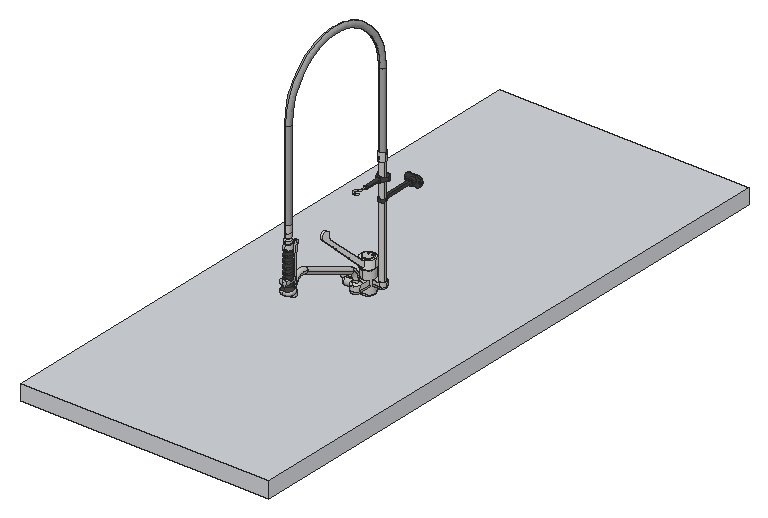
Revit family "QF_ELECTROLUXPROFESSIONAL_855386_DSP1HST2", category Attrezzature speciali, host Superficie, Revit 2021
Family settings
  Host = Superficie
  Quota connettore circolare = Usa diametro
  Tipo di parte = Normale
  Taglio con vuoti quando caricato = No
  Condiviso = No
  Punto di calcolo locali = No
Parameters (values of type "Standard")
  Weight = 13.00 kg
  Watts = 0 W
  Volts = 0 V
  URL Manufacturer = "https://www.electroluxprofessional.com/"
  URL = "https://www.electroluxprofessional.com/"
  Steam Supply Size = 0 mm
  Steam Supply Minimum Pressure = 0.0 Pa
  Steam Supply Maximum Pressure = 0.0 Pa
  Steam Consumption per Hour = 0
  Show Clearance [instance] = yes
  Refrigeration Suction Line Size = 0 mm
  Refrigeration Liquid Line Size = 0 mm
  Refrigerant Compressor Remote = yes
  Produttore = "Electrolux Professional"
  Phase = 0
  Modello = "DSP1HST2"
  Default Elevation = 1219.2 mm
  Length Actual = 146 mm  # constant formula
  Item Number = "855386"
  Hot Water Size = 12.7 mm
  Height Actual = 1019 mm  # constant formula
  HP = "0 HP"
  Gas Size = 0 mm
  Gas KW = 0
  Gas Input Pressure = 0 W
  Direct Waste Size = 0 mm
  Descrizione = "SINGLE HOLE DECK MOUNTED ELBOW OPERATED MIXING TEMP. FAUCET WITH PRE-RINSE UNIT"
  Depth Actual = 627 mm  # constant formula
  Cycle = 0 Hz
  Condensate Return Size = 0 mm
  Compressed Air Volume = 0.0 L/s
  Compressed Air Size = 0 mm
  Compressed Air Pressure = 0.0 Pa
  Cold Water Size = 12.7 mm
  Accessory = yes
Reference planes
  plane 1 "Center (Front/Back)": y = 0
  plane 2: z = 0
  plane 3 "Center (Left/Right)": x = 0
  plane 4 "Lever": y = -359
  plane 5 "Rubinetto": y = 6
  plane 6: y = 24
  plane 7: z = 146
  plane 8: z = 23.004
  plane 9: x = 50
  plane 10: z = 53.004
  plane 11: z = 28.004
  plane 12: y = -59
  plane 13 "C1": y = -36.814
  plane 14: z = 1019
Forms (mm)
  Extrusion 1, solid
    sketch origin (0, -919.2, 0) x (1, 0, 0) y (0, 1, 0)
      loop
        line (-460, 2119.2) -> (-460, -162.846) -> (488.967, -162.846) -> (488.967, 2119.2) -> (-460, 2119.2)
    from 0 to -59.546
  Extrusion 2, solid, material "QF_Finishes_Stainless Steel"
    sketch origin (0, 0, 0) x (0, 1, 0) y (-1, 0, 0)
      loop
        circle (0, 0) r 24.5
    from 3.786 to 85
  Blend 3, solid, material "QF_Finishes_Stainless Steel"
    base sketch origin (0, 0, 0) x (0, 1, 0) y (-1, 0, 0)
      loop
        circle (0, 0) r 24.5
    top sketch origin (0, 0, 0) x (0, 1, 0) y (-1, 0, 0)
      loop
        circle (0, 0) r 23
    from 85 to 90.477
  Revolve 4, solid, material "QF_Plastic-LightGray-Matte"
    sketch origin (0, 0, -900) x (1, 0, 0) y (0, 0, 1)
      loop
        line (0, 990.477) -> (0, 1022.218) -> (-22.733, 1022.218)
        arc (-22.733, 1022.218) -> (-25.382, 1021.393) -> (-28, 1020.477) r 80.9
        line (-28, 1020.477) -> (-28, 990.477) -> (0, 990.477)
      axis (0, 1022.218) -> (0, 990.477)
    angle from 0 to 360
  Extrusion 5, solid, material "QF_Plastic-LightGray-Matte"
    sketch origin (0, 0, -960.452) x (0, 1, 0) y (0, 0, 1)
      loop
        line (-23, 1080.409) -> (-28, 1080.409) -> (-188.265, 1221.096)
        arc (-188.265, 1221.096) -> (-191.241, 1229.592) -> (-190.304, 1238.546) r 20.57
        arc (-190.304, 1238.546) -> (-209.575, 1255.836) -> (-215.217, 1230.568) r 15
        line (-215.217, 1230.568) -> (-28, 1056.409) -> (-23, 1056.409) -> (-23, 1080.409)
    from -4 to 4
  Sweep 6, solid, material "QF_Finishes_Stainless Steel"
    path origin (0, 0, -936.489) x (0, 1, 0) y (0, 0, 1)
      loop
        line (-59, 998.103) -> (-59, 1008.282)
        arc (-59, 1008.282) -> (-65.453, 1030.068) -> (-82.731, 1044.824) r 40
        line (-82.731, 1044.824) -> (-302.731, 1142.774)
        arc (-302.731, 1142.774) -> (-340.786, 1139.779) -> (-359, 1106.232) r 40
    profile origin (0, -59, 66.704) x (0, -1, 0) y (1, 0, 0)
      loop
        circle (0, 0) r 10
  Extrusion 7, solid, material "QF_Door-Drawer Clearances", detail levels coarse
    sketch origin (0, -448.684, -871.316) x (0, 0.906308, -0.422618) y (0, 0.422618, 0.906308)
      loop
        line (-54.568, 1081.124) -> (-37.661, 1076.187)
        arc (-37.661, 1076.187) -> (-34.165, 1079.491) -> (-30.495, 1082.599) r 88.197
        line (-30.495, 1082.599) -> (-188.265, 1221.096)
        arc (-188.265, 1221.096) -> (-191.241, 1229.592) -> (-190.304, 1238.546) r 20.57
        arc (-190.304, 1238.546) -> (-209.575, 1255.836) -> (-215.217, 1230.568) r 15
        line (-215.217, 1230.568) -> (-54.568, 1081.124)
    from -4 to 4
  Extrusion 8, solid, material "QF_Door-Drawer Clearances", detail levels coarse
    sketch origin (0, 0, -960.452) x (0, 1, 0) y (0, 0, 1)
      loop
        arc (-123.676, 1295.364) -> (-122.216, 1309.38) -> (-109.775, 1316) r 15
        arc (-109.775, 1316) -> (-168.681, 1297.653) -> (-212.701, 1254.423) r 131.282
        arc (-212.701, 1254.423) -> (-196.325, 1253.788) -> (-190.304, 1238.546) r 15
        arc (-190.304, 1238.546) -> (-191.241, 1229.592) -> (-188.265, 1221.096) r 20.57
        line (-188.265, 1221.096) -> (-41.237, 1092.029) -> (-123.676, 1295.364)
    from -4 to 4
  Extrusion 9, solid, material "QF_Finishes_Stainless Steel"
    sketch origin (65, 0, 0) x (0, 1, 0) y (-1, 0, 0)
      loop
        circle (0, 77) r 11
      loop
        circle (0, 77) r 10
    from 0 to -29.461
  Extrusion 10, solid, material "QF_Finishes_Stainless Steel"
    sketch origin (-65, 0, 0) x (0, 1, 0) y (-1, 0, 0)
      loop
        circle (0, -77) r 11
      loop
        circle (0, -77) r 10
    from 0 to -29.461
  Extrusion 11, solid, material "QF_Finishes_Stainless Steel"
    sketch origin (0, 0, 0) x (0, 1, 0) y (-1, 0, 0)
      loop
        circle (0, 0) r 24.5
    from 3.786 to 0
  Revolve 12, solid, material "QF_Finishes_Stainless Steel"
    sketch origin (0, 0, 0) x (0, 1, 0) y (0, 0, 1)
      loop
        line (-59, 53.004) -> (-76.34, 53.004) -> (-76.34, 33.523)
        arc (-76.34, 33.523) -> (-73.259, 26.085) -> (-65.821, 23.004) r 10.519
        line (-65.821, 23.004) -> (-59, 23.004) -> (-59, 53.004)
      axis (-59, 53.004) -> (-59, 23.004)
    angle from -90 to 90
  Extrusion 13, void
    sketch origin (0, 0, 0) x (1, 0, 0) y (0, 1, 0)
      loop
        line (-6.06, 8.654) -> (-6.868, 13.76)
        arc (-6.868, 13.76) -> (-10.447, 13.971) -> (-10.895, 10.414) r 2.623
        line (-10.895, 10.414) -> (-6.06, 8.654)
      loop
        line (6.06, 8.654) -> (10.895, 10.414)
        arc (10.895, 10.414) -> (10.447, 13.971) -> (6.868, 13.76) r 2.623
        line (6.868, 13.76) -> (6.06, 8.654)
    from 124 to 122.218
  Extrusion 14, solid, material "QF_Finishes_Stainless Steel"
    sketch origin (0, 0, 0) x (1, 0, 0) y (0, 1, 0)
      loop
        circle (0, 0) r 20
    from 122.218 to 124
  Extrusion 15, solid, material "QF_Finishes_Red"
    sketch origin (0, 0, 0) x (1, 0, 0) y (0, 1, 0)
      loop
        line (-6.06, 8.654) -> (-6.868, 13.76)
        arc (-6.868, 13.76) -> (-10.447, 13.971) -> (-10.895, 10.414) r 2.623
        line (-10.895, 10.414) -> (-6.06, 8.654)
    from 122.218 to 124
  Extrusion 16, solid, material "QF_Finishes_Blue"
    sketch origin (0, 0, 0) x (1, 0, 0) y (0, 1, 0)
      loop
        line (6.06, 8.654) -> (10.895, 10.414)
        arc (10.895, 10.414) -> (10.447, 13.971) -> (6.868, 13.76) r 2.623
        line (6.868, 13.76) -> (6.06, 8.654)
    from 122.218 to 124
  Revolve 17, solid, material "QF_Finishes_Stainless Steel"
    sketch origin (0, 6, 0) x (0, 0, 1) y (-1, 0, 0)
      loop
        line (53.004, -50) -> (28.004, -50) -> (28.004, -55)
        arc (28.004, -55) -> (30.933, -62.071) -> (38.004, -65) r 10
        line (38.004, -65) -> (53.004, -65) -> (53.004, -50)
      axis (28.004, -50) -> (53.004, -50)
    angle from 0 to 360
  Extrusion 18, solid, material "QF_Finishes_Stainless Steel"
    sketch origin (0, 0, 0) x (0, 1, 0) y (0, 0, 1)
      loop
        line (-9, 53.004) -> (-9, 38.004)
        arc (-9, 38.004) -> (-6.071, 30.933) -> (1, 28.004) r 10
        line (1, 28.004) -> (11, 28.004)
        arc (11, 28.004) -> (18.071, 30.933) -> (21, 38.004) r 10
        line (21, 38.004) -> (21, 53.004) -> (-9, 53.004)
    from 10.685 to 50
  Extrusion 19, solid, material "QF_Finishes_Stainless Steel"
    sketch origin (0, 0, 0) x (1, 0, 0) y (0, 1, 0)
      loop
        circle (50, 6) r 10.5
    from 53.004 to 55.546
  Extrusion 20, solid, material "QF_Finishes_Stainless Steel"
    sketch origin (0, 0, 0) x (1, 0, 0) y (0, 0, 1)
      loop
        line (-17.34, 53.004) -> (-17.34, 33.504)
        arc (-17.34, 33.504) -> (-14.265, 26.079) -> (-6.84, 23.004) r 10.5
        line (-6.84, 23.004) -> (6.84, 23.004)
        arc (6.84, 23.004) -> (14.265, 26.079) -> (17.34, 33.504) r 10.5
        line (17.34, 33.504) -> (17.34, 53.004) -> (-17.34, 53.004)
    from 13.52 to 58.95
  Revolve 21, solid
    sketch origin (0, 0, 0) x (0, 1, 0) y (0, 0, 1)
      loop
        line (-59, 53.004) -> (-59, 61.614) -> (-70, 61.614) -> (-76.34, 53.004) -> (-59, 53.004)
      axis (-59, 53.004) -> (-59, 61.614)
    angle from 0 to 360
  Revolve 22, solid, material "QF_Finishes_Stainless Steel"
    sketch origin (0, 0, 0) x (0, 1, 0) y (0, 0, 1)
      loop
        line (-359, 150) -> (-359, 169.744) -> (-369, 169.744) -> (-369, 161.744) -> (-371.142, 161.744) -> (-371.142, 147.526) -> (-369.615, 146) -> (-369.615, 150) -> (-359, 150)
      axis (-359, 169.744) -> (-359, 146)
    angle from 0 to 360
  Revolve 23, solid, material "QF_Finishes_Stainless Steel"
    sketch origin (0, -36.814, 0) x (0, 0, 1) y (-1, 0, 0)
      loop
        line (48.822, 6.821) -> (48.822, 52.34)
        arc (48.822, 52.34) -> (45.893, 59.411) -> (38.822, 62.34) r 10
        line (38.822, 62.34) -> (35.913, 62.34) -> (35.913, 6.821) -> (48.822, 6.821)
      axis (35.913, 6.821) -> (35.913, 62.34)
    angle from 0 to 360
  Extrusion 24, solid, material "QF_Finishes_Stainless Steel"
    sketch origin (0, -36.814, 0) x (0, 0, 1) y (-1, 0, 0)
      loop
        circle (53.004, 62.597) r 12
    from -2 to 2
Cuts and joins
  Extrusion 13 cuts Extrusion 2
  Extrusion 13 cuts Revolve 12
  joined: Extrusion 2, Revolve 12, Revolve 17, Extrusion 18
  Extrusion 13 cuts Blend 3
  Extrusion 13 cuts Revolve 4
  Extrusion 13 cuts Extrusion 9
  Extrusion 13 cuts Extrusion 10
  Extrusion 13 cuts Extrusion 11
  Extrusion 13 cuts Extrusion 14
  joined: Revolve 23, Extrusion 24
Lines and regions (mm)
  symbolic lines, style "SpecialityEquipmentHiddenLines", detail levels coarse
    curve 1: line (0, 0, 983) -> (-278.512, -195.016, 983)
    curve 2: line (0, 0, 983) -> (278.512, -195.016, 983)
    curve 3: line (-2.294, 3.277, 983) -> (-184.794, -124.511, 983)
    curve 4: line (0, -4.883, 983) -> (-180.206, -131.064, 983)
    curve 5: line (0, -4.883, 983) -> (180.206, -131.064, 983)
    curve 6: line (2.294, 3.277, 983) -> (184.794, -124.511, 983)
    curve 7: line (-180.206, -131.064, 983) -> (-184.794, -124.511, 983)
    curve 8: line (180.206, -131.064, 983) -> (184.794, -124.511, 983)
  symbolic lines, style "SpecialityEquipment"
    curve 9: arc (-4, -27.713, 983) -> (0, 28, 983) -> (4, -27.713, 983) r 28
  symbolic lines
    curve 10: line (-4, -18.796, 983) -> (-4, -220, 983)
    curve 11: line (-4, -220, 983) -> (4, -220, 983)
    curve 12: line (4, -220, 983) -> (4, -18.796, 983)
    curve 13: line (4, -18.796, 983) -> (-4, -18.796, 983)
    curve 14: line (4, -95, 983) -> (-4, -95, 983)
    curve 15: line (4, -109.775, 983) -> (-4, -109.775, 983)
    curve 16: line (4, -212.701, 983) -> (-4, -212.701, 983)
    curve 17: line (-17.34, -21.984, 0) -> (-17.34, -59, 0)
    curve 18: line (17.34, -21.984, 0) -> (17.34, -59, 0)
    curve 19: line (-6.06, 8.654, 0) -> (-6.868, 13.76, 0)
    curve 20: line (-10.895, 10.414, 0) -> (-6.06, 8.654, 0)
    curve 21: arc (-6.868, 13.76, 0) -> (-10.447, 13.971, 0) -> (-10.895, 10.414, 0) r 2.623
    curve 22: line (6.06, 8.654, 0) -> (10.895, 10.414, 0)
    curve 23: line (6.868, 13.76, 0) -> (6.06, 8.654, 0)
    curve 24: arc (10.895, 10.414, 0) -> (10.447, 13.971, 0) -> (6.868, 13.76, 0) r 2.623
    curve 25: circle (0, 0, 0) r 20 normal (0, 0, 1)
    curve 26: arc (-4.138, -22.354, 0) -> (-0.021, 22.733, 0) -> (4.179, -22.346, 0) r 22.733
    curve 27: line (-50.597, -38.814, 0) -> (-50.597, -34.814, 0)
    curve 28: line (-50.597, -34.814, 0) -> (-74.597, -34.814, 0)
    curve 29: line (-74.597, -34.814, 0) -> (-74.597, -38.814, 0)
    curve 30: line (-74.597, -38.814, 0) -> (-50.597, -38.814, 0)
    curve 31: line (-17.34, -23.89, 0) -> (-52.34, -23.89, 0)
    curve 32: line (-62.34, -33.89, 0) -> (-62.34, -34.814, 0)
    curve 33: arc (-52.34, -23.89, 0) -> (-59.411, -26.819, 0) -> (-62.34, -33.89, 0) r 10
    curve 34: line (-17.34, -49.737, 0) -> (-52.34, -49.737, 0)
    curve 35: line (-62.34, -39.737, 0) -> (-62.34, -38.814, 0)
    curve 36: arc (-52.34, -49.737, 0) -> (-59.411, -46.808, 0) -> (-62.34, -39.737, 0) r 10
    curve 37: line (18.52, 21, 0) -> (50, 21, 0)
    curve 38: arc (50, 21, 0) -> (65, 6, 0) -> (50, -9, 0) r 15
    curve 39: line (50, -9, 0) -> (26.514, -9, 0)
    curve 40: arc (39.5, -1.871, 0) -> (50, 19.122, 0) -> (60.5, -1.871, 0) r 13.122
    curve 41: arc (39.5, 6, 0) -> (50, 16.5, 0) -> (60.5, 6, 0) r 10.5
Dimensions and locks
  plane 5 "Rubinetto" to plane 1 "Center (Front/Back)" = 6 mm
  plane 7 to Extrusion 1 = 146 mm
  plane 9 to plane 3 "Center (Left/Right)" = 50 mm
  plane 11 to plane 8 = 5 mm
  plane 10 to plane 11 = 25 mm
  plane 1 "Center (Front/Back)" to plane 12 = 59 mm
  plane 12 to plane 4 "Lever" = 300 mm
  plane 14 to Extrusion 1 = 1019 mm
  nested 1 to nested 1 = 150 mm
  angle curve 1 to curve 2 = 110.00°
  aligned and locked: plane 2 to Extrusion 1
  aligned and locked: level to Extrusion 1
Nested families
  nested 1: "Spray_Flexible_3a" at (50, 6, 55.546), type "Spray_Flexible_3a"
    with Show Clearance yes
Connectors
  piping at (-12, 0, -29.461), diameter 21
    settings: on Extrusion 9, index 3, connector inside diameter 609.6 mm, connector length 0 mm, flow factor 0, pipe flow 0.0 L/s, pressure drop 0.0 Pa, fitting loss kfactor 0, connector angle 0.00°, fixture units 0, engagement length 0 mm, angle of deflection 0.00°, flow configuration 0, flow direction 1, fitting loss method 0, system type 19, joint type 0, gender type 0, connector reference index -1, connector utility 0, adjustable connector no, is connector primary yes, connector description ""
  piping at (12, 0, -29.461), diameter 21
    settings: on Extrusion 10, index 4, connector inside diameter 609.6 mm, connector length 0 mm, flow factor 0, pipe flow 0.0 L/s, pressure drop 0.0 Pa, fitting loss kfactor 0, connector angle 0.00°, fixture units 0, engagement length 0 mm, angle of deflection 0.00°, flow configuration 0, flow direction 1, fitting loss method 0, system type 20, joint type 0, gender type 0, connector reference index -1, connector utility 0, adjustable connector no, is connector primary no, connector description ""
Definition of nested family "Spray_Flexible_3a"
  Parameters
    Show Clearance [instance] = yes
    Model = "729047"
    Default Elevation = 1219.2 mm
  Reference planes
    plane 1 "Center (Front/Back)": y = 0
    plane 2: z = 0
    plane 3 "Center (Left/Right)": x = 0
    plane 4: x = -77.5
    plane 5: x = 77.5
    plane 6: x = -182.5
    plane 7: x = 182.5
    plane 8 "Lever": y = -300
    plane 9: y = 24
    plane 10 "Supporto": z = 276.633
    plane 11: z = 348.633
    plane 12: y = 150
    plane 13 "PortaDoccetta": z = 350.705
    plane 14: y = -450
    plane 15: z = 970.633
    plane 16: z = -112.367
    plane 17: z = 348.633
    plane 18: z = 90.5
  Forms (mm)
    Extrusion 1, solid
      sketch origin (0, -919.2, 0) x (1, 0, 0) y (0, 1, 0)
        loop
          line (-460, 2119.2) -> (-460, -162.846) -> (488.967, -162.846) -> (488.967, 2119.2) -> (-460, 2119.2)
      from 0 to -59.546
    Extrusion 2, solid
      sketch origin (0, 0, 0) x (1, 0, 0) y (0, 1, 0)
        loop
          circle (0, 0) r 10.5
      from 426.9 to 0
    Extrusion 3, solid
      sketch origin (0, 0, 0) x (1, 0, 0) y (0, 1, 0)
        loop
          circle (0, 0) r 10.5
        loop
          circle (0, 0) r 13.122
      from 440 to 410
    Extrusion 4, solid
      sketch origin (0, 0, 276.633) x (0, 1, 0) y (-1, 0, 0)
        loop
          line (145, -5) -> (145, 5) -> (12.133, 5)
          arc (12.133, 5) -> (-13.122, 0) -> (12.133, -5) r 13.122
          line (12.133, -5) -> (145, -5)
        loop
          circle (0, 0) r 10.5
      from 5 to -5
    Extrusion 5, solid
      sketch origin (0, 0, 93) x (1, 0, 0) y (0, 0, 1)
        loop
          arc (-12.168, 203.633) -> (-26.31, 197.775) -> (-32.168, 183.633) r 20
          arc (-32.168, 183.633) -> (-26.31, 169.491) -> (-12.168, 163.633) r 20
          line (-12.168, 163.633) -> (12.168, 163.633)
          arc (12.168, 163.633) -> (26.31, 169.491) -> (32.168, 183.633) r 20
          arc (32.168, 183.633) -> (26.31, 197.775) -> (12.168, 203.633) r 20
          line (12.168, 203.633) -> (-12.168, 203.633)
        loop
          circle (26.563, 183.633) r 3
        loop
          circle (-26.563, 183.633) r 3
      from -145 to -150
    Extrusion 6, solid
      sketch origin (0, 0, 93) x (1, 0, 0) y (0, 0, 1)
        loop
          circle (0, 183.633) r 12
        loop
          line (5, 178.633) -> (5, 188.633) -> (-5, 188.633) -> (-5, 178.633) -> (5, 178.633)
      from -130 to -145
    Extrusion 7, solid
      sketch origin (0, 0, 350.705) x (-1, 0, 0) y (0, -1, 0)
        loop
          circle (0, 0) r 13.122
        loop
          arc (13.608, -17.5) -> (19.198, -11.084) -> (21.959, -3.035) r 22.168
          line (21.959, -3.035) -> (8.352, 20.535)
          arc (8.352, 20.535) -> (0, 22.168) -> (-8.352, 20.535) r 22.168
          line (-8.352, 20.535) -> (-21.959, -3.035)
          arc (-21.959, -3.035) -> (-19.198, -11.084) -> (-13.608, -17.5) r 22.168
          line (-13.608, -17.5) -> (13.608, -17.5)
      from 8 to -8
    Blend 8, solid
      base sketch origin (0, 0, 0) x (1, 0, 0) y (0, 0, 1)
        loop
          circle (0, 350.705) r 6
      top sketch origin (0, 0, 0) x (1, 0, 0) y (0, 0, 1)
        loop
          circle (0, 350.705) r 7.79
      from 80 to 22
    Sweep 9, solid
      path origin (0, 0, 350.705) x (-1, 0, 0) y (0, -1, 0)
        loop
          line (0, 80.981) -> (0, 101.683)
          arc (0, 101.683) -> (1.153, 105.369) -> (4.202, 107.741) r 6.467
          arc (4.202, 107.741) -> (9.359, 126.492) -> (-10.064, 125.516) r 12
      profile origin (0, -91.332, 350.705) x (1, 0, 0) y (0, 0, 1)
        loop
          circle (0, 0) r 2
    Sweep 10, solid
      path origin (0, 0, -227.946) x (0, 1, 0) y (0, 0, 1)
        loop
          line (0, 654.834) -> (0, 955.879)
          arc (0, 955.879) -> (-225, 1180.879) -> (-450, 955.879) r 225
          line (-450, 955.879) -> (-450, 618.745)
      profile origin (0, 0, 577.41) x (0, -1, 0) y (1, 0, 0)
        loop
          circle (0, 0) r 10.5
    Revolve 11, solid
      sketch origin (0, -7.042, 0) x (0, 1, 0) y (0, 0, 1)
        loop
          line (-442.958, 153.633) -> (-442.958, 155.633) -> (-463.848, 155.633)
          arc (-463.848, 155.633) -> (-463.262, 154.219) -> (-461.848, 153.633) r 2
          line (-461.848, 153.633) -> (-442.958, 153.633)
        loop
          line (-463.848, 166.105) -> (-442.958, 166.105) -> (-442.958, 192.921) -> (-453.458, 192.921) -> (-453.458, 181.4)
          arc (-453.458, 181.4) -> (-456.301, 172.155) -> (-463.848, 166.105) r 16.454
        axis (-442.958, 192.921) -> (-442.958, 153.633)
      angle from 0 to 360
    Extrusion 12, solid
      sketch origin (0, 0, -110.6) x (0, 1, 0) y (0, 0, 1)
        loop
          circle (-432.282, 283.346) r 1.663
        loop
          line (-432.195, 280.862) -> (-429.241, 280.862)
          arc (-429.241, 280.862) -> (-422.17, 283.791) -> (-419.241, 290.862) r 10
          line (-419.241, 290.862) -> (-419.241, 325.894)
          arc (-419.241, 325.894) -> (-418.402, 349.775) -> (-415.891, 373.538) r 340.482
          line (-415.891, 373.538) -> (-410.105, 428.323)
          arc (-410.105, 428.323) -> (-412.33, 431.071) -> (-415.078, 428.846) r 2.5
          line (-415.078, 428.846) -> (-420.828, 374.147)
          arc (-420.828, 374.147) -> (-423.367, 350.08) -> (-424.214, 325.895) r 345.469
          line (-424.214, 325.895) -> (-424.214, 290.898)
          arc (-424.214, 290.898) -> (-425.678, 287.364) -> (-429.212, 285.9) r 4.997
          line (-429.212, 285.9) -> (-432.195, 285.9)
          arc (-432.195, 285.9) -> (-434.714, 283.381) -> (-432.195, 280.862) r 2.519
      from 4 to -4
    Revolve 13, solid
      sketch origin (0, -7.042, 0) x (0, 1, 0) y (0, 0, 1)
        loop
          line (-442.958, 166.105) -> (-464.094, 166.105)
          arc (-464.094, 166.105) -> (-467.277, 160.792) -> (-463.957, 155.564) r 5.898
          line (-463.957, 155.564) -> (-442.958, 155.564) -> (-442.958, 166.105)
        axis (-442.958, 166.105) -> (-442.958, 155.564)
      angle from 0 to 360
    Revolve 14, solid
      sketch origin (0, 2.543, -195) x (0, 1, 0) y (0, 0, 1)
        loop
          arc (-474.448, 406.4) -> (-476.523, 399.933) -> (-477.224, 393.178) r 32.88
          line (-477.224, 393.178) -> (-426.757, 393.178) -> (-426.757, 396.143) -> (-432.358, 396.143)
          arc (-432.358, 396.143) -> (-433.263, 401.379) -> (-435, 406.4) r 32.88
          line (-435, 406.4) -> (-474.448, 406.4)
        axis (-426.757, 393.178) -> (-477.224, 393.178)
      angle from 0 to 360
    Extrusion 15, solid
      sketch origin (0, 0, -195) x (0, 1, 0) y (0, 0, 1)
        loop
          line (-443.816, 376.4) -> (-443.816, 361.105) -> (-429.111, 361.105) -> (-429.111, 376.4) -> (-443.816, 376.4)
        loop
          circle (-432.282, 367.746) r 1.663
      from -4 to -6.255
    Extrusion 16, solid
      sketch origin (0, 0, -195) x (0, 1, 0) y (0, 0, -1)
        loop
          line (-443.816, -376.4) -> (-429.111, -376.4) -> (-429.111, -361.105) -> (-443.816, -361.105) -> (-443.816, -376.4)
        loop
          circle (-432.282, -367.746) r 1.663
      from -4 to -6.255
    Extrusion 17, solid
      sketch origin (0, 0, -195) x (0, 1, 0) y (0, 0, 1)
        loop
          circle (-432.282, 367.746) r 1.663
      from 8 to -8
    Revolve 18, solid
      sketch origin (0, 0, -110.6) x (0, 1, 0) y (0, 0, 1)
        loop
          line (-450, 501.398) -> (-450, 439.032) -> (-437.209, 439.032) -> (-437.209, 444.032) -> (-444.28, 451.103) -> (-444.28, 456.103) -> (-439.28, 456.103) -> (-439.28, 471.103) -> (-441.719, 471.103) -> (-441.719, 472.424) -> (-439.5, 472.424) -> (-439.5, 501.398) -> (-450, 501.398)
        loop
          line (-450, 434.032) -> (-450, 417) -> (-435, 417) -> (-437.209, 434.032) -> (-450, 434.032)
        axis (-450, 501.398) -> (-450, 417)
      angle from 0 to 360
    Revolve 19, solid
      sketch origin (0, 0, -110.6) x (0, 1, 0) y (0, 0, 1)
        loop
          line (-450, 439.032) -> (-450, 434.032) -> (-437.209, 434.032) -> (-437.209, 439.032) -> (-450, 439.032)
        loop
          line (-435, 332) -> (-435, 337)
          arc (-435, 337) -> (-437.605, 344.5) -> (-435, 352) r 12.1
          line (-435, 352) -> (-435, 357)
          arc (-435, 357) -> (-437.605, 364.5) -> (-435, 372) r 12.1
          line (-435, 372) -> (-435, 377)
          arc (-435, 377) -> (-437.605, 384.5) -> (-435, 392) r 12.1
          line (-435, 392) -> (-435, 397)
          arc (-435, 397) -> (-437.605, 404.5) -> (-435, 412) r 12.1
          line (-435, 412) -> (-435, 417) -> (-450, 417) -> (-450, 290.859) -> (-437.044, 290.859) -> (-437.044, 300.859)
          arc (-437.044, 300.859) -> (-437.406, 306.684) -> (-435, 312) r 12.1
          line (-435, 312) -> (-435, 317)
          arc (-435, 317) -> (-437.605, 324.5) -> (-435, 332) r 12.1
        axis (-450, 439.032) -> (-450, 290.859)
      angle from 0 to 360
  Cuts and joins
    joined: Extrusion 7, Blend 8
  Lines and regions (mm)
    symbolic lines
      curve 1: line (-15, -477.224, 0) -> (15, -477.224, 0)
      curve 2: line (-15, -432.224, 0) -> (-15, -477.224, 0)
      curve 3: line (15, -477.224, 0) -> (15, -432.224, 0)
      curve 4: arc (-15, -441.603, 0) -> (-23.901, -465.041, 0) -> (-7.341, -483.864, 0) r 24.291
      curve 5: arc (15, -441.603, 0) -> (23.901, -465.041, 0) -> (7.341, -483.864, 0) r 24.291
      curve 6: line (-7.341, -484.622, 0) -> (7.341, -484.622, 0)
      curve 7: line (7.341, -484.622, 0) -> (7.341, -477.224, 0)
      curve 8: line (-7.341, -484.622, 0) -> (-7.341, -477.224, 0)
      curve 9: arc (-10.5, -450, 0) -> (0, -460.5, 0) -> (10.5, -450, 0) r 10.5
      curve 10: line (-10.5, -450, 0) -> (-10.5, 0, 0)
      curve 11: line (10.5, -450, 0) -> (10.5, 0, 0)
      curve 12: arc (-10.5, 0, 0) -> (0, 10.5, 0) -> (10.5, 0, 0) r 10.5
      curve 13: arc (-10.5, -7.871, 0) -> (0, 13.122, 0) -> (10.5, -7.871, 0) r 13.122
      curve 14: line (-5, 130, 0) -> (-5, 12.133, 0)
      curve 15: line (5, 12.133, 0) -> (5, 130, 0)
      curve 16: line (-32.168, 150, 0) -> (-32.168, 145, 0)
      curve 17: line (-32.168, 145, 0) -> (32.168, 145, 0)
      curve 18: line (32.168, 145, 0) -> (32.168, 150, 0)
      curve 19: line (32.168, 150, 0) -> (-32.168, 150, 0)
      curve 20: line (-12.168, 145, 0) -> (-12.168, 130, 0)
      curve 21: line (-12.168, 130, 0) -> (12, 130, 0)
      curve 22: line (12, 130, 0) -> (12, 145, 0)
      curve 23: line (-15, -432.224, 0) -> (-10.5, -432.224, 0)
      curve 24: line (15, -432.224, 0) -> (10.5, -432.224, 0)
      curve 25: arc (-10.5, -439.288, 0) -> (0, -465, 0) -> (10.5, -439.288, 0) r 15
  Dimensions and locks
    plane 4 to plane 5 = 155 mm
    plane 6 to plane 7 = 365 mm
    plane 11 to level = 348.633 mm
    plane 12 to plane 1 "Center (Front/Back)" = 150 mm
    plane 1 "Center (Front/Back)" to plane 14 = 450 mm
    plane 5 to plane 4 = 155 mm
    equal spacing: plane 5, plane 3 "Center (Left/Right)", plane 4
    plane 15 to level = 970.633 mm
    plane 17 to plane 16 = 461 mm
    aligned and locked: plane 2 to Extrusion 1
    aligned and locked: level to Extrusion 1
  Automatic sketch dimensions
    Extrusion 1 sketch curve to Extrusion 1 sketch curve = 948.967 mm
    Extrusion 1 sketch curve to Extrusion 1 sketch curve = 2282.046 mm
    plane 1 "Center (Front/Back)" to Extrusion 2 sketch curve = 0 mm
    Extrusion 2 sketch curve to plane 3 "Center (Left/Right)" = 0 mm
    Extrusion 3 sketch curve to Extrusion 3 sketch curve = 0 mm  (x2)
    plane 1 "Center (Front/Back)" to Extrusion 3 sketch curve = 0 mm
    Extrusion 3 sketch curve to plane 3 "Center (Left/Right)" = 0 mm
    Extrusion 5 sketch curve to Extrusion 5 sketch curve = 0 mm  (x4)
    Extrusion 5 sketch curve to plane 10 "Supporto" = 0 mm  (x3)
    Extrusion 5 sketch curve to plane 3 "Center (Left/Right)" = 26.563 mm
    Extrusion 5 sketch curve to plane 3 "Center (Left/Right)" = 12.168 mm
    plane 3 "Center (Left/Right)" to Extrusion 5 sketch curve = 12.168 mm
    Extrusion 5 sketch curve to Extrusion 5 sketch curve = 14.395 mm
    Extrusion 5 sketch curve to Extrusion 5 sketch curve = 20 mm
    Extrusion 6 sketch curve to plane 3 "Center (Left/Right)" = 0 mm
    Extrusion 6 sketch curve to plane 10 "Supporto" = 0 mm
    Extrusion 6 sketch curve to plane 3 "Center (Left/Right)" = 5 mm
    plane 3 "Center (Left/Right)" to Extrusion 6 sketch curve = 5 mm
    Extrusion 6 sketch curve to plane 10 "Supporto" = 5 mm
    plane 10 "Supporto" to Extrusion 6 sketch curve = 5 mm
    Extrusion 7 sketch curve to Extrusion 7 sketch curve = 0 mm  (x12)
    plane 1 "Center (Front/Back)" to Extrusion 7 sketch curve = 0 mm
    Extrusion 7 sketch curve to plane 3 "Center (Left/Right)" = 0 mm
    plane 3 "Center (Left/Right)" to Extrusion 7 sketch curve = 8.352 mm
    Extrusion 7 sketch curve to plane 9 = 6.5 mm
    plane 3 "Center (Left/Right)" to Extrusion 7 sketch curve = 13.608 mm
    Extrusion 7 sketch curve to plane 1 "Center (Front/Back)" = 3.035 mm  (x2)
    Extrusion 7 sketch curve to plane 3 "Center (Left/Right)" = 8.352 mm
    Extrusion 7 sketch curve to plane 3 "Center (Left/Right)" = 13.608 mm
    plane 1 "Center (Front/Back)" to Extrusion 7 sketch curve = 20.535 mm
    Blend 8 sketch curve to plane 3 "Center (Left/Right)" = 0 mm  (x2)
    Blend 8 sketch curve to plane 13 "PortaDoccetta" = 0 mm  (x2)
    Sweep 9 sketch curve to plane 3 "Center (Left/Right)" = 0 mm  (x2)
    Sweep 9 sketch curve to Sweep 9 sketch curve = 6.467 mm
    plane 1 "Center (Front/Back)" to Sweep 9 sketch curve = 101.683 mm
    Sweep 9 sketch curve to Sweep 9 sketch curve = 17.298 mm
    plane 3 "Center (Left/Right)" to Sweep 9 sketch curve = 10.064 mm
    Sweep 9 sketch curve to Sweep 9 sketch curve = 0 mm
    Sweep 9 sketch curve to Sweep 9 sketch curve = 20.702 mm
    profile plane to Sweep 9 sketch curve = 0 mm
    Sweep 9 sketch curve to profile plane = 0 mm
    Sweep 10 sketch curve to plane 3 "Center (Left/Right)" = 0 mm
    Sweep 10 sketch curve to profile plane = 0 mm
    Revolve 11 sketch curve to plane 11 = 195 mm
    Revolve 11 sketch curve to plane 14 = 0 mm  (x3)
    plane 14 to Revolve 11 sketch curve = 10.5 mm
    plane 14 to Revolve 11 sketch curve = 18.889 mm
    Revolve 11 sketch curve to Revolve 11 sketch curve = 2 mm  (x2)
    Revolve 11 sketch curve to Revolve 11 sketch curve = 6.064 mm
    Revolve 11 sketch curve to Revolve 11 sketch curve = 10.472 mm
    Revolve 11 sketch curve to Revolve 11 sketch curve = 11.521 mm
    Revolve 11 sketch curve to plane 11 = 211.82 mm
    Revolve 11 sketch curve to Revolve 11 sketch curve = 3.401 mm
    Extrusion 12 sketch curve to plane 14 = 17.718 mm
    Extrusion 12 sketch curve to Extrusion 12 sketch curve = 0.088 mm
    Extrusion 12 sketch curve to Extrusion 12 sketch curve = 2.954 mm
    Extrusion 12 sketch curve to Extrusion 12 sketch curve = 0.029 mm
    Extrusion 12 sketch curve to Extrusion 12 sketch curve = 4.997 mm
    Extrusion 12 sketch curve to plane 14 = 29.172 mm
    Extrusion 12 sketch curve to Extrusion 12 sketch curve = 4.973 mm
    Extrusion 12 sketch curve to Extrusion 12 sketch curve = 4.937 mm
    Extrusion 12 sketch curve to plane 14 = 34.922 mm
    Extrusion 12 sketch curve to Extrusion 12 sketch curve = 2.486 mm  (x2)
    plane 1 "Center (Front/Back)" to Extrusion 12 sketch curve = 78.759 mm
    Extrusion 12 sketch curve to Extrusion 12 sketch curve = 0.013 mm
    Extrusion 12 sketch curve to plane 17 = 178.37 mm
    Extrusion 12 sketch curve to Extrusion 12 sketch curve = 2.484 mm
    Extrusion 12 sketch curve to Extrusion 12 sketch curve = 0.036 mm
    Extrusion 12 sketch curve to Extrusion 12 sketch curve = 35.032 mm
    Extrusion 12 sketch curve to Extrusion 12 sketch curve = 0.001 mm
    Extrusion 12 sketch curve to Extrusion 12 sketch curve = 54.785 mm
    Extrusion 12 sketch curve to Extrusion 12 sketch curve = 0.261 mm
    Revolve 13 sketch curve to plane 14 = 0 mm  (x2)
    plane 14 to Revolve 13 sketch curve = 18.421 mm
    Revolve 13 sketch curve to plane 11 = 193.069 mm
    Revolve 13 sketch curve to Revolve 13 sketch curve = 2.579 mm
    Revolve 13 sketch curve to Revolve 13 sketch curve = 2.715 mm
    Revolve 13 sketch curve to Revolve 13 sketch curve = 5.305 mm
    Revolve 13 sketch curve to plane 11 = 209.523 mm
    Revolve 13 sketch curve to Revolve 13 sketch curve = 26.599 mm
    plane 14 to Revolve 14 sketch curve = 24.681 mm
    Revolve 14 sketch curve to Revolve 14 sketch curve = 2.776 mm
    Revolve 14 sketch curve to Revolve 14 sketch curve = 12.12 mm
    Revolve 14 sketch curve to plane 14 = 8.199 mm
    Revolve 14 sketch curve to Revolve 14 sketch curve = 9.344 mm
    Revolve 14 sketch curve to Revolve 14 sketch curve = 2.642 mm
    Revolve 14 sketch curve to Revolve 14 sketch curve = 5.602 mm
    Revolve 14 sketch curve to plane 11 = 150.455 mm
    Revolve 14 sketch curve to Revolve 14 sketch curve = 0 mm
    Revolve 14 sketch curve to Revolve 14 sketch curve = 15 mm
    Revolve 14 sketch curve to Revolve 14 sketch curve = 0.134 mm
    Revolve 14 sketch curve to Revolve 14 sketch curve = 2.965 mm
    Extrusion 15 sketch curve to plane 14 = 6.184 mm
    Extrusion 15 sketch curve to Extrusion 15 sketch curve = 11.534 mm
    Extrusion 15 sketch curve to Extrusion 15 sketch curve = 3.172 mm
    Extrusion 15 sketch curve to plane 11 = 182.528 mm
    Extrusion 15 sketch curve to Extrusion 15 sketch curve = 6.641 mm
    Extrusion 15 sketch curve to Extrusion 15 sketch curve = 8.654 mm
    Extrusion 16 sketch curve to plane 14 = 6.184 mm
    Extrusion 16 sketch curve to Extrusion 16 sketch curve = 11.534 mm
    Extrusion 16 sketch curve to Extrusion 16 sketch curve = 3.172 mm
    Extrusion 16 sketch curve to plane 11 = 167.232 mm
    Extrusion 16 sketch curve to Extrusion 16 sketch curve = 8.654 mm
    Extrusion 16 sketch curve to plane 11 = 182.528 mm
    Extrusion 17 sketch curve to plane 14 = 17.718 mm
    Extrusion 17 sketch curve to plane 11 = 175.887 mm
    Revolve 18 sketch curve to plane 14 = 0 mm  (x3)
    Revolve 18 sketch curve to plane 14 = 5.72 mm
    Revolve 18 sketch curve to plane 14 = 8.281 mm
    Revolve 18 sketch curve to Revolve 18 sketch curve = 2.219 mm
    Revolve 18 sketch curve to Revolve 18 sketch curve = 0.22 mm
    Revolve 18 sketch curve to plane 14 = 12.791 mm
    Revolve 18 sketch curve to Revolve 18 sketch curve = 7.071 mm  (x2)
    Revolve 18 sketch curve to plane 14 = 15 mm
    plane 13 "PortaDoccetta" to Revolve 18 sketch curve = 44.304 mm
    Revolve 18 sketch curve to Revolve 18 sketch curve = 17.032 mm
    Revolve 18 sketch curve to Revolve 18 sketch curve = 5 mm  (x3)
    Revolve 18 sketch curve to Revolve 18 sketch curve = 15 mm
    Revolve 18 sketch curve to Revolve 18 sketch curve = 1.321 mm
    Revolve 18 sketch curve to Revolve 18 sketch curve = 28.975 mm
    Revolve 18 sketch curve to Revolve 18 sketch curve = 5.993 mm
    Revolve 18 sketch curve to Revolve 18 sketch curve = 7.596 mm
    Revolve 19 sketch curve to plane 14 = 0 mm  (x3)
    Revolve 19 sketch curve to Revolve 19 sketch curve = 12.791 mm
    Revolve 19 sketch curve to Revolve 19 sketch curve = 12.956 mm
    Revolve 19 sketch curve to plane 14 = 15 mm  (x5)
    Revolve 19 sketch curve to Revolve 19 sketch curve = 2.044 mm
    Revolve 19 sketch curve to Revolve 19 sketch curve = 9.496 mm  (x6)
    plane 13 "PortaDoccetta" to Revolve 19 sketch curve = 170.445 mm
    Revolve 19 sketch curve to Revolve 19 sketch curve = 10 mm
    Revolve 19 sketch curve to Revolve 19 sketch curve = 3.641 mm
    Revolve 19 sketch curve to Revolve 19 sketch curve = 5 mm  (x8)
    Revolve 19 sketch curve to Revolve 19 sketch curve = 7.5 mm  (x5)
    Revolve 19 sketch curve to Revolve 19 sketch curve = 17.032 mm
    Revolve 19 sketch curve to Revolve 19 sketch curve = 6.827 mm
    Sweep 10 sketch curve to plane 14 = 0 mm
    Sweep 10 sketch curve to plane 1 "Center (Front/Back)" = 0 mm
    Sweep 10 sketch curve to plane 15 = 242.7 mm
    Sweep 10 sketch curve to plane 13 "PortaDoccetta" = 76.183 mm
    Sweep 10 sketch curve to plane 13 "PortaDoccetta" = 40.094 mm
    curve 4 to curve 5 = 0 mm  (x2)
    curve 9 to curve 25 = 0 mm  (x2)
    curve 12 to curve 13 = 0 mm  (x2)
    plane 12 to curve 16 = 0 mm
    plane 1 "Center (Front/Back)" to curve 10 = 0 mm
    plane 14 to curve 10 = 0 mm
    curve 25 to plane 3 "Center (Left/Right)" = 0 mm
    curve 4 to plane 3 "Center (Left/Right)" = 0 mm
    curve 6 to plane 3 "Center (Left/Right)" = 7.341 mm
    curve 10 to curve 9 = 10.5 mm
    curve 21 to plane 3 "Center (Left/Right)" = 12.168 mm
    curve 23 to curve 23 = 4.5 mm
    curve 19 to curve 20 = 20 mm
    plane 3 "Center (Left/Right)" to curve 6 = 7.341 mm
    plane 3 "Center (Left/Right)" to curve 22 = 12 mm
    curve 7 to curve 3 = 7.659 mm
    plane 12 to curve 18 = 5 mm
    curve 22 to curve 18 = 20.168 mm
    curve 4 to curve 9 = 10.709 mm
    curve 3 to curve 4 = 16.515 mm
    curve 6 to curve 8 = 7.398 mm
    curve 24 to plane 14 = 17.776 mm
    curve 2 to plane 14 = 17.776 mm
    curve 21 to curve 22 = 15 mm
    curve 14 to plane 3 "Center (Left/Right)" = 5 mm
    curve 6 to curve 4 = 0.758 mm
    curve 6 to curve 5 = 0.758 mm
    curve 5 to curve 25 = 2.315 mm
    curve 13 to curve 11 = 7.871 mm
    curve 14 to curve 15 = 0 mm
    plane 12 to Extrusion 4 sketch curve = 5 mm
    Extrusion 4 sketch curve to plane 3 "Center (Left/Right)" = 5 mm
    Extrusion 4 sketch curve to plane 9 = 11.867 mm
    Extrusion 4 sketch curve to Extrusion 4 sketch curve = 0 mm  (x3)
    plane 1 "Center (Front/Back)" to Extrusion 4 sketch curve = 0 mm
    Extrusion 4 sketch curve to plane 3 "Center (Left/Right)" = 0 mm
    radius of Extrusion 2 sketch curve = 10.5 mm
    radius of Extrusion 3 sketch curve = 10.5 mm
    radius of Extrusion 3 sketch curve = 13.122 mm
    radius of Extrusion 5 sketch curve = 3 mm  (x2)
    radius of Extrusion 6 sketch curve = 12 mm
    radius of Extrusion 7 sketch curve = 13.122 mm
    radius of Blend 8 sketch curve = 6 mm
    radius of Blend 8 sketch curve = 7.79 mm
    radius of Sweep 9 sketch curve = 2 mm
    radius of Sweep 10 sketch curve = 10.5 mm
    radius of Extrusion 12 sketch curve = 1.663 mm
    radius of Extrusion 15 sketch curve = 1.663 mm
    radius of Extrusion 16 sketch curve = 1.663 mm
    radius of Extrusion 17 sketch curve = 1.663 mm
    radius of Extrusion 4 sketch curve = 10.5 mm
